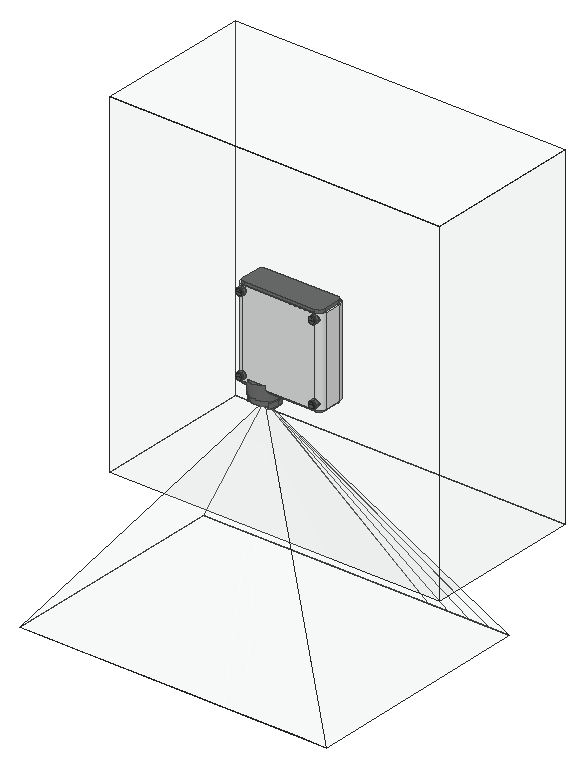
Revit family "Projector-Canon-REALiS_WUX450ST-D-WUX500(ST)-D_Pro_AV", category Communication Devices, host Face, Revit 2015
Parameters (values of type "REALiS WUX500ST Pro AV")
  Width = if(C Lens Shift, 1' 1 67/256", 1' 1 51/256")  # 1' - 1 67/256"
  Weight = 13.88 lbf
  Voltage = 100 V
  Version = "2014 – v1.0a"  # constant formula
  URL = "http://projectors.usa.canon.com/"
  Type Comments = ""
  Tilt Angle = "-"
  Throw Ratio = "0.56:1"
  Standby Power = "1.8 - 0.2W"
  Screen Sizes = "-"  # constant formula
  Scanning Frequency = "H: 15.734kHz - 75.000kHz, V: 24.000Hz - 60.317Hz"
  Projector Throw Distance Extends Visibility [instance] = yes
  Projector Clearance Box Visibility [instance] = yes
  Projection Shift Note [instance] = "Keep within the projection shift extends"  # constant formula
  Projection Distances = "-"  # constant formula
  Projection Desired [instance] = 4' - 0"
  Product data url = "https://bimobject.com/en-us/canon/product/canon-realis-wux500st-pro"
  Operating Temperature = "32°F - 104°F (0°C - 40°C), 20%RH - 85%RH"
  Mounting Option [instance] = if(and(Ceiling Attachment with Extension, Ceiling Attachment), "Multiple Options Selected", if(and(Ceiling Attachment with Extension, Ceiling Extension Desired < 1' 4", or(C Lens = 1, C Lens = 2, C Lens = 5, C Lens = 6)), "RS-CL16 Ceiling Attachment with Ceiling Extension (RS-CL08)", if(and(Ceiling Attachment with Extension, Ceiling Extension Desired < 2' 0", or(C Lens = 1, C Lens = 2, C Lens = 5, C Lens = 6)), "RS-CL16 Ceiling Attachment with Ceiling Extension (RS-CL08)", if(and(Ceiling Attachment with Extension, Ceiling Extension Desired < 1' 4", or(C Lens = 3, C Lens = 4)), "RS-CL14 Ceiling Attachment with Ceiling Extension (RS-CL08)", if(and(Ceiling Attachment with Extension, Ceiling Extension Desired < 2' 0", or(C Lens = 3, C Lens = 4)), "RS-CL14 Ceiling Attachment with Ceiling Extension (RS-CL08)", if(and(Ceiling Attachment with Extension, Ceiling Extension Desired < 3' 3", or(C Lens = 1, C Lens = 2, C Lens = 5, C Lens = 6)), "RS-CL16 Ceiling Attachment with Ceiling Extension (RS-CL09)", if(and(Ceiling Attachment with Extension, Ceiling Extension Desired > 3' 3", or(C Lens = 1, C Lens = 2, C Lens = 5, C Lens = 6)), "RS-CL16 Ceiling Attachment with Ceiling Extension (RS-CL09)", if(and(Ceiling Attachment with Extension, Ceiling Extension Desired < 3' 3", or(C Lens = 3, C Lens = 4)), "RS-CL14 Ceiling Attachment with Ceiling Extension (RS-CL09)", if(and(Ceiling Attachment with Extension, Ceiling Extension Desired > 3' 3", or(C Lens = 3, C Lens = 4)), "RS-CL14 Ceiling Attachment with Ceiling Extension (RS-CL09)", if(and(Ceiling Attachment, or(C Lens = 1, C Lens = 2, C Lens = 5, C Lens = 6)), "RS-CL16 Ceiling Attachment", if(and(Ceiling Attachment, or(C Lens = 3, C Lens = 4)), "RS-CL14 Ceiling Attachment", "Select Ceiling Mount")))))))))))  # "Select Ceiling Mount"
  Mounting = "Upward, Downward, Table, Ceiling"
  Model Disclaimer = "This 3D model is a simulation of a highly customizable piece of Canon equipment. For assistance in selecting the right Canon equipment for your project, please contact Canon U.S.A., Inc."  # constant formula
  Min. Throw Ratio [instance] = if(and(Aspect Ratio 4 x 3, or(C Lens = 1, C Lens = 2, C Lens = 5, C Lens = 6)), 0.675, if(and(Aspect Ratio 16 x 9, or(C Lens = 1, C Lens = 2, C Lens = 5, C Lens = 6)), 0.55833, if(and(Aspect Ratio 16 x 10, or(C Lens = 1, C Lens = 2, C Lens = 5, C Lens = 6)), 0.55833, if(and(Aspect Ratio 4 x 3, or(C Lens = 3, C Lens = 4)), 1.675, if(and(Aspect Ratio 16 x 9, or(C Lens = 3, C Lens = 4)), 1.4, if(and(Aspect Ratio 16 x 10, or(C Lens = 3, C Lens = 4)), 1.4, 1))))))  # 0.675
  Min. Distance from Wall [instance] = Min. Throw Ratio * C Projection Width  # 2' - 8.4"
  Max. Throw Ratio [instance] = if(and(Aspect Ratio 4 x 3, or(C Lens = 1, C Lens = 2, C Lens = 5, C Lens = 6)), 0.675, if(and(Aspect Ratio 16 x 9, or(C Lens = 1, C Lens = 2, C Lens = 5, C Lens = 6)), 0.55833, if(and(Aspect Ratio 16 x 10, or(C Lens = 1, C Lens = 2, C Lens = 5, C Lens = 6)), 0.55833, if(and(Aspect Ratio 4 x 3, or(C Lens = 3, C Lens = 4)), 3.0083, if(and(Aspect Ratio 16 x 9, or(C Lens = 3, C Lens = 4)), 2.5167, if(and(Aspect Ratio 16 x 10, or(C Lens = 3, C Lens = 4)), 2.5167, 1))))))  # 0.675
  Max. Distance from Wall [instance] = Max. Throw Ratio * C Projection Width  # 2' - 8.4"
  Lens Shift (Vertical) = "0% - 75%"
  Lens Shift (Horizontal) = "±10%"
  Lens Shift = "V: 0 - 75%, H: ±10%"
  Height = if(C Lens Shift, 0' 5 45/128", 0' 5 77/256")  # 0' - 5 45/128"
  Focal Length = "8.8mm"
  Fan Noise = "38 / 30 dB"
  F-Number = "F2.7"
  Digital Video Input = "1080p / 1080i / 720p / 576p / 480p"  # constant formula
  Digital PC Input = "WUXGA / UXGA / WSXGA+ / SXGA+ / WXGA+/ FWXGA / WXGA / SXGA / XGA / SVGA / VGA"  # constant formula
  Desired Distance from Wall [instance] = 6' - 0"
  Depth = if(C Lens Shift, 1' 4 21/64", 1' 2 1/2")  # 1' - 4 21/64"
  Component Video Input = "1080p / 1080i / 720p / 576p / 576i / 480p / 480i"  # constant formula
  Ceiling Attachment with Extension [instance] = no
  Ceiling Extension Desired [instance] = 2' - 0"
  Ceiling Extension Actual [instance] = if(and(Ceiling Attachment with Extension, Ceiling Extension Desired < 1' 4"), 1' 4", if(and(Ceiling Attachment with Extension, Ceiling Extension Desired > 3' 3"), 3' 3", if(and(Ceiling Attachment), 0' 3 1/4", if(and(Ceiling Extension Desired < 1' 4"), 1' 4", Ceiling Extension Desired - 0' 1 1/16"))))  # 1' - 10 15/16"
  C Projector W [instance] = 78' - 9 103/128"
  C Projector Shift = if(C Lens Shift, 0' 2 15/32", 0' 0")  # 0' - 2 15/32"
  C Projector Projection W [instance] = 78' - 9 103/128"
  C Projector Projection H [instance] = 73' - 3.27096"
  C Projector H = 73' - 3 69/256"  # constant formula
  C Lens Shift = yes
  C Lens = 5
  C Ceiling Mount Visibility [instance] = if(or(Ceiling Attachment, Ceiling Attachment with Extension), 1 = 1, 1 = 0)  # no
  Aspect Ratio 4 x 3 [instance] = yes
  Aspect Ratio 16 x 9 [instance] = no
  Aspect Ratio 16 x 10 [instance] = no
  Projection Visibility [instance] = yes
  Projection Shift Extends Visibility [instance] = yes
  Power Factor = 1
  Number of Poles = 1
  Keynote = "Division 27"  # constant formula
  C Projector Limit W2 [instance] = C Projection Width * 1.1 - C Projection Width / 2  # 2' - 4.8"
  C Projector Limit W1 [instance] = C Projection Width * 1.1 - C Projection Width / 2  # 2' - 4.8"
  C Projector Limit H2 [instance] = if(and(C Lens Shift, Ceiling Attachment), C Projection Height * 1.75 - C Projection Height / 2, if(and(C Lens Shift, Ceiling Attachment with Extension), C Projection Height * 1.75 - C Projection Height / 2, if(and(Ceiling Attachment), C Projection Height * 1.6 - C Projection Height / 2, if(and(Ceiling Attachment with Extension), C Projection Height * 1.6 - C Projection Height / 2, if(C Lens Shift, C Projection Height / 2, C Projection Height / 2)))))  # 1' - 6"
  C Projector Limit H1 [instance] = if(and(C Lens Shift, Ceiling Attachment), C Projection Height / 2, if(and(C Lens Shift, Ceiling Attachment with Extension), C Projection Height / 2, if(and(Ceiling Attachment), C Projection Height / 2, if(and(Ceiling Attachment with Extension), C Projection Height / 2, if(C Lens Shift, C Projection Height * 1.75 - C Projection Height / 2, C Projection Height * 1.6 - C Projection Height / 2)))))  # 3' - 9"
  Projection Actual [instance] = if(and(C Lens Shift, Image Size is Defined By Width, Aspect Ratio 4 x 3, Projection Desired < 2' 0"), 2' 0", if(and(C Lens Shift, Image Size is Defined By Height, Aspect Ratio 4 x 3, Projection Desired < 1' 6"), 1' 6", if(and(C Lens Shift, Image Size is Defined By Diagonal, Aspect Ratio 4 x 3, Projection Desired < 2' 6"), 2' 6", if(and(C Lens Shift, Image Size is Defined By Width, Aspect Ratio 16 x 9, Projection Desired < 2' 2"), 2' 2", if(and(C Lens Shift, Image Size is Defined By Height, Aspect Ratio 16 x 9, Projection Desired < 1' 3"), 1' 3", if(and(C Lens Shift, Image Size is Defined By Diagonal, Aspect Ratio 16 x 9, Projection Desired < 2' 6"), 2' 6", if(and(C Lens Shift, Image Size is Defined By Width, Aspect Ratio 16 x 10, Projection Desired < 2' 2"), 2' 2", if(and(C Lens Shift, Image Size is Defined By Height, Aspect Ratio 16 x 10, Projection Desired < 1' 4"), 1' 4", if(and(C Lens Shift, Image Size is Defined By Diagonal, Aspect Ratio 16 x 10, Projection Desired < 2' 6"), 2' 6", if(and(C Lens Shift, Image Size is Defined By Width, Aspect Ratio 4 x 3, Projection Desired > 17' 8"), 17' 8", if(and(C Lens Shift, Image Size is Defined By Height, Aspect Ratio 4 x 3, Projection Desired > 13' 3"), 13' 3", if(and(C Lens Shift, Image Size is Defined By Diagonal, Aspect Ratio 4 x 3, Projection Desired > 22' 1"), 22' 1", if(and(C Lens Shift, Image Size is Defined By Width, Aspect Ratio 16 x 9, Projection Desired > 21' 2"), 21' 2", if(and(C Lens Shift, Image Size is Defined By Height, Aspect Ratio 16 x 9, Projection Desired > 11' 11"), 11' 11", if(and(C Lens Shift, Image Size is Defined By Diagonal, Aspect Ratio 16 x 9, Projection Desired > 24' 4"), 24' 4", if(and(C Lens Shift, Image Size is Defined By Width, Aspect Ratio 16 x 10, Projection Desired > 21' 2"), 21' 2", if(and(C Lens Shift, Image Size is Defined By Height, Aspect Ratio 16 x 10, Projection Desired > 13' 3"), 13' 3", if(and(C Lens Shift, Image Size is Defined By Diagonal, Aspect Ratio 16 x 10, Projection Desired > 25' 0"), 25' 0", if(and(Image Size is Defined By Width, Aspect Ratio 4 x 3, Projection Desired < 2' 8"), 2' 8", if(and(Image Size is Defined By Height, Aspect Ratio 4 x 3, Projection Desired < 2' 0"), 2' 0", if(and(Image Size is Defined By Diagonal, Aspect Ratio 4 x 3, Projection Desired < 3' 4"), 3' 4", if(and(Image Size is Defined By Width, Aspect Ratio 16 x 9, Projection Desired < 2' 11"), 2' 11", if(and(Image Size is Defined By Height, Aspect Ratio 16 x 9, Projection Desired < 1' 8"), 1' 8", if(and(Image Size is Defined By Diagonal, Aspect Ratio 16 x 9, Projection Desired < 3' 4"), 3' 4", if(and(Image Size is Defined By Width, Aspect Ratio 16 x 10, Projection Desired < 2' 10"), 2' 10", if(and(Image Size is Defined By Height, Aspect Ratio 16 x 10, Projection Desired < 1' 9"), 1' 9", if(and(Image Size is Defined By Diagonal, Aspect Ratio 16 x 10, Projection Desired < 3' 4"), 3' 4", if(and(Image Size is Defined By Width, Aspect Ratio 4 x 3, Projection Desired > 17' 8"), 17' 8", if(and(Image Size is Defined By Height, Aspect Ratio 4 x 3, Projection Desired > 13' 3"), 13' 3", if(and(Image Size is Defined By Diagonal, Aspect Ratio 4 x 3, Projection Desired > 22' 1"), 22' 1", if(and(Image Size is Defined By Width, Aspect Ratio 16 x 9, Projection Desired > 21' 2"), 21' 2", if(and(Image Size is Defined By Height, Aspect Ratio 16 x 9, Projection Desired > 11' 11"), 11' 11", if(and(Image Size is Defined By Diagonal, Aspect Ratio 16 x 9, Projection Desired > 24' 4"), 24' 4", if(and(Image Size is Defined By Width, Aspect Ratio 16 x 10, Projection Desired > 21' 2"), 21' 2", if(and(Image Size is Defined By Height, Aspect Ratio 16 x 10, Projection Desired > 13' 3"), 13' 3", if(and(Image Size is Defined By Diagonal, Aspect Ratio 16 x 10, Projection Desired > 25' 0"), 25' 0", Projection Desired))))))))))))))))))))))))))))))))))))  # 4' - 0"
  Product Page URL = "http://www.projectors.usa.canon.com/products/projector_wux500st.php"
  Product Name = "REALiS WUX500ST Pro AV"
  Product Documentation Link = "https://downloads.canon.com/nw/brochures/pdf/projector/canon_realis_wux500st_projector_datasheet.pdf"
  Power Voltage = "AC100 - 240V : 50/60Hz"  # constant formula
  Power Consumption = "395 / 295W"
  Optional Lenses [instance] = if(or(C Lens = 5, C Lens = 6), "Short Fixed Lens WUX500ST", if(or(C Lens = 1, C Lens = 2), "Short Fixed Lens WUX450ST", if(or(C Lens = 3, C Lens = 4), "Standard Zoom Lens WUX500", "NO CODE")))  # "Short Fixed Lens WUX500ST"
  Native Resolution = "1920 x 1200 (WUXGA)"  # constant formula
  Model = "WUX500ST"
  Manufacturer Phone Number = "800-652-2666"  # constant formula
  Manufacturer = "Canon USA Inc."  # constant formula
  Image Size is Defined By Width [instance] = yes
  Image Size is Defined By Height [instance] = no
  Image Size is Defined By Diagonal [instance] = no
  Analog PC Input = "WUXGA / UXGA / WSXGA+ / SXGA+ / WXGA+/ FWXGA / WXGA / SXGA / XGA / SVGA / VGA"  # constant formula
  Actual Distance from Wall [instance] = if(and(Desired Distance from Wall < Min. Distance from Wall), Min. Distance from Wall, if(and(Desired Distance from Wall > Max. Distance from Wall), Max. Distance from Wall, if(and(C Lens Shift), Min. Distance from Wall, Desired Distance from Wall)))  # 2' - 8.4"
  Description = "The REALiS WUX500ST Pro AV Short Throw LCOS Projector combines native WUXGA resolution (1920 x 1200), 4500 lumens of brightness, and Canon's LCOS technology with AISYS-enhancement to project bright, highly-detailed/contrasted and color accurate images - all in a compact size (only 13.9 lbs.). The REALiS WUX500ST's 1.35x optical zoom, short throw ratio of 0.56:1 and 0-75% vertical lens shift help provide exceptional installation flexibility, as does the models HDBaseT™ receiver which allows uncompressed HD video, audio and control signals to be transmitted over one single LAN cable up to a maximum distance of 328ft (100m)."
  Copyright = "© 2016 Canon U.S.A., Inc. All Rights Reserved."  # constant formula
  Contrast = "2000:1"  # constant formula
  C Default Mount [instance] = not(or(Ceiling Attachment, Ceiling Attachment with Extension))  # yes
  Default Elevation = 4' - 0"
  Ceiling Attachment [instance] = no
  C Projection Width [instance] = if(and(Aspect Ratio 4 x 3, Image Size is Defined By Width), Projection Actual, if(and(Aspect Ratio 4 x 3, Image Size is Defined By Height), Projection Actual * 4 / 3, if(and(Aspect Ratio 4 x 3, Image Size is Defined By Diagonal), Projection Actual * sin(53.13°), if(and(Aspect Ratio 16 x 9, Image Size is Defined By Width), Projection Actual, if(and(Aspect Ratio 16 x 9, Image Size is Defined By Height), Projection Actual * 16 / 9, if(and(Aspect Ratio 16 x 9, Image Size is Defined By Diagonal), Projection Actual * sin(60.64°), if(and(Aspect Ratio 16 x 10, Image Size is Defined By Width), Projection Actual, if(and(Aspect Ratio 16 x 10, Image Size is Defined By Height), Projection Actual * 16 / 10, if(and(Aspect Ratio 16 x 10, Image Size is Defined By Diagonal), Projection Actual * sin(57.99°), Projection Actual)))))))))  # 4' - 0"
  C Projection Height [instance] = if(and(Aspect Ratio 4 x 3, Image Size is Defined By Height), Projection Actual, if(and(Aspect Ratio 4 x 3, Image Size is Defined By Width), Projection Actual * 3 / 4, if(and(Aspect Ratio 4 x 3, Image Size is Defined By Diagonal), Projection Actual * cos(53.13°), if(and(Aspect Ratio 16 x 9, Image Size is Defined By Height), Projection Actual, if(and(Aspect Ratio 16 x 9, Image Size is Defined By Width), Projection Actual * 9 / 16, if(and(Aspect Ratio 16 x 9, Image Size is Defined By Diagonal), Projection Actual * cos(60.64°), if(and(Aspect Ratio 16 x 10, Image Size is Defined By Height), Projection Actual, if(and(Aspect Ratio 16 x 10, Image Size is Defined By Width), Projection Actual * 10 / 16, if(and(Aspect Ratio 16 x 10, Image Size is Defined By Diagonal), Projection Actual * cos(57.99°), Projection Actual)))))))))  # 3' - 0"
  Brightness = "5000lm / 3460lm"
  Assembly Code = "D5030900"
  Aspect Ratio [instance] = if(and(Aspect Ratio 16 x 10, or(Aspect Ratio 16 x 9, Aspect Ratio 4 x 3)), "Multiple Options Selected", if(and(Aspect Ratio 4 x 3, or(Aspect Ratio 16 x 10, Aspect Ratio 16 x 9)), "Multiple Options Selected", if(and(Aspect Ratio 16 x 9, or(Aspect Ratio 4 x 3, Aspect Ratio 16 x 10)), "Multiple Options Selected", if(and(Aspect Ratio 16 x 10), "16:10", if(and(Aspect Ratio 16 x 9), "16:9", if(and(Aspect Ratio 4 x 3), "4:3", "Select Aspect Ratio"))))))  # "4:3"
  Apparent Load = 0 VA
Reference planes (in)
  plane 1 "Center (Front/Back)": y = 0
  plane 2: z = 0
  plane 3 "Center (Left/Right)": x = 0
  plane 4: y = -879.27096
  plane 5: x = -945.80526
  plane 6: y = -0.00143
  plane 7: x = -0.00057
  plane 8: y = 18
  plane 9: y = -18
  plane 10: x = -24.00057
  plane 11: x = 23.99943
  plane 12: x = -0.00057
  plane 13: y = 0
  plane 14: y = 45
  plane 15: y = -18
  plane 16: x = -28.8
  plane 17: x = 28.8
  plane 18: z = 32.4
  plane 19: y = 5.42842
  plane 20: y = 29.42842
  plane 21: z = 0
  plane 22: z = 32.4
  plane 23: z = 32.4
  plane 24: z = 72
Forms (in)
  Blend 1, solid, material "Clearance Areas", visible <- "Projection Visibility"
    base sketch origin (0.13386, -43.30315, 0) x (1, 0, 0) y (0, 1, 0)
      loop
        line (-24.13443, 61.30315) -> (-24.13443, 25.30315) -> (23.86557, 25.30315) -> (23.86557, 61.30315) -> (-24.13443, 61.30315)
    top sketch origin (0.13386, -43.30315, 0) x (1, 0, 0) y (0, 1, 0)
      loop
        circle (-0.13443, 43.30172) r 0.03083
    from 0 to 32.4
Lines and regions (in)
  model lines, style "Clearance Areas", visible <- "Projection Shift Extends Visibility"
    curve 1: line (-28.8, -18, 0) -> (28.8, -18, 0)
    curve 2: line (-28.8, 45, 0) -> (-28.8, -18, 0)
    curve 3: line (28.8, 45, 0) -> (-28.8, 45, 0)
    curve 4: line (28.8, -18, 0) -> (28.8, 45, 0)
  reference lines
    curve 5: line (0, -2.51272, 59.9) -> (0, -2.51272, 34.65)
    curve 9: line (0, 2.51312, 59.9) -> (0, 2.51312, 32.4)
    curve 12: line (-6.99903, 0, 72) -> (6.99903, 0, 72)
    curve 13: line (-36, 0, 0) -> (36, 0, 0)
    curve 14: line (-0.00057, 22.5, 0) -> (-0.00057, -22.5, 0)
  symbolic lines, style "Clearance Areas", visible <- "Projection Visibility"
    curve 6: line (-24.00057, 0, 0) -> (23.99943, 0, 0)
  symbolic lines, style "Clearance Areas"
    curve 7: line (23.99943, 0, 0) -> (-0.00057, 0, 32.44167)
    curve 8: line (-0.00057, 0, 32.44167) -> (-24.00057, 0, 0)
  model lines, style "Clearance Areas", visible <- "Projector Throw Distance Extends Visibility"
    curve 10: line (0, -25.1534, 32.4) -> (0, 29.6534, 32.4)
    curve 11: line (0, -25.1543, 32.4) -> (0, 25.1543, 32.4)
Dimensions and locks (in)
  "C Projector H": plane 6 to plane 4
  "C Projector Projection W": plane 5 to plane 7
  equal spacing: plane 10, plane 12, plane 11
  "C Projection Width": plane 10 to plane 11
  equal spacing: plane 8, plane 13, plane 9
  "C Projection Height": plane 9 to plane 8
  "C Projector Projection H": plane 4 to plane 13
  "C Projector W": plane 5 to plane 12
  "Actual Distance from Wall": plane 18 to plane 2
  curve 5 to plane 6 to curve 9 = 0' - 2.51129" locked, 0' - 2.51455" locked
  "C Projector Limit H1": plane 14 to plane 1 "Center (Front/Back)"
  "C Projector Limit H2": plane 15 to plane 1 "Center (Front/Back)"
  "C Projector Limit W2": plane 3 "Center (Left/Right)" to plane 17
  "C Projector Limit W1": plane 16 to plane 3 "Center (Left/Right)"
  locked: plane 7 to Blend 1 sketch curve at 0
  locked: plane 6 to Blend 1 sketch curve at 0
  locked: plane 6 to plane 19 at 5.42985
  "Ceiling Extension Desired": plane 19 to plane 20
  "Desired Distance from Wall": plane 24 to plane 21
  "Max. Distance from Wall": plane 22 to level
  "Min. Distance from Wall": plane 23 to level
  "C Projector Shift": nested 2 to plane 18
  "C Projector Shift": nested 1 to plane 18
  "Desired Distance from Wall": curve 12 to plane 21
  equal spacing: curve 12, plane 3 "Center (Left/Right)", curve 12, locked at 6.99903 each
  "C Projector Projection H": plane 4 to curve 13
  curve 13 to plane 3 "Center (Left/Right)" to curve 13 = 3' - 0" locked, 3' - 0" locked
  curve 14 to plane 1 "Center (Front/Back)" to curve 14 = 1' - 10 1/2" locked, 1' - 10 1/2" locked
  "C Projector W": plane 5 to curve 14
  aligned and locked: plane 2 to host face
  aligned and locked: level to host face
  aligned and locked: plane 18 to Blend 1
  aligned and locked: plane 14 to curve 3
  aligned and locked: curve 2 to plane 16
  aligned and locked: plane 17 to curve 4
  aligned and locked: curve 1 to plane 15
  aligned and locked: curve 6 to Blend 1
  aligned and locked: curve 7 to Blend 1
  aligned and locked: curve 8 to Blend 1
  aligned and locked: plane 21 to level
  aligned and locked: curve 10 to plane 22
  aligned and locked: curve 11 to plane 23
  aligned and locked: Blend 1 to level
Automatic sketch dimensions
  host sketch curve to host sketch curve = 8' - 0"  (x2)
  Blend 1 sketch curve to plane 9 = 0' - 0"
  Blend 1 sketch curve to plane 10 = 0' - 0"
  Blend 1 sketch curve to plane 11 = 0' - 0"
  plane 8 to Blend 1 sketch curve = 0' - 0"
  level to curve 8 = 0' - 0"
  curve 9 to plane 18 = 0' - 0"
  plane 18 to curve 5 = 0' - 2 1/4"
  curve 5 to curve 9 = 2' - 1 1/4"
  curve 5 to curve 9 = 0' - 0"
  curve 10 to plane 9 = 0' - 7.1534"
  plane 20 to curve 10 = 0' - 0.22499"
  curve 11 to plane 9 = 0' - 7.1543"
  curve 11 to plane 14 = 1' - 7.8457"
  plane 7 to curve 12 = 0' - 6.99846"
  radius of Blend 1 sketch curve = 0' - 0.03083"
Nested families (in)
  nested 1: "Canon Projector" at (3.60621, -2.51272, 41.99375) x (-1, 0, 0) z (0, 1, 0), visible <- "C Default Mount", type "Standard"
    with Width 1' - 1 67/256", Depth 1' - 4 21/64"
  nested 2: "Canon Projector" at (3.60621, 2.51312, 41.99375) x (-1, 0, 0) z (0, -1, 0), visible <- "C Ceiling Mount Visibility", type "Ceiling Mount"
    with Width 1' - 1 67/256", Extended Ceiling Mount 2' - 0", Depth 1' - 4 21/64", C Extended Ceiling Mount 1' - 10 15/16"
Connectors (in)
  electrical at (3.61655, 0.52249, 49.126), driven by "Power Factor", driven by "Apparent Load", driven by "Voltage", driven by "Number of Poles"
    settings: on nested 1, index 1, voltage 100 V, apparent load 0 VA, apparent load phase1 0 VA, apparent load phase2 0 VA, apparent load phase3 0 VA, power factor 1, load classification "Other", number of poles 1, system type 31, power factor state 1, is connector primary yes, connector utility no, sub classification motor no, connector description "Electrical Connector"
  electrical at (3.61655, 0.52249, 49.126)
    settings: on nested 1, index 2, voltage 0 V, apparent load 0 VA, apparent load phase1 0 VA, apparent load phase2 0 VA, apparent load phase3 0 VA, power factor 1, load classification "Other", number of poles 1, system type 5, power factor state 1, is connector primary no, connector utility no, sub classification motor no, connector description "Connector"
Definition of nested family "Canon Projector"
  Parameters
    Width = 1' - 1.48603"
    WUX500 = not(WUX450)  # no
    WUX450 = yes
    Projector Clearance Box Visibility = yes
    Length = 1' - 4 87/256"
    Extended Ceiling Mount = 3' - 6"
    Depth = 1' - 4.33"
    Default Elevation = 4' - 0"
    Ceiling Mount Extension = no
    Ceiling Mount = no
    C Standard #2 = if(C Standard, 0' 0", 1' 7 51/256")  # 0' - 0"
    C Standard = yes
    C Legs = if(or(Ceiling Mount Extension, Ceiling Mount), 1 = 0, 1 = 1)  # yes
    C Extended Ceiling Mount = 3' - 6"
    C Clearance = if(C Standard, 1' 7 51/256", 0' 0")  # 1' - 7 51/256"
    C Ceiling Mount Visibility = if(or(Ceiling Mount Extension, Ceiling Mount), 1 = 1, 1 = 0)  # no
    C Ceiling Mount = not(C Standard)  # no
  Reference planes (in)
    plane 1 "Center (Front/Back)": y = 0
    plane 2: z = 0
    plane 3 "Projector Center": x = 0
    plane 4: y = 7.125
    plane 5: x = 6.64063
    plane 6: z = -3.97149
    plane 7: z = -45.97149
    plane 8: x = 25.84063
    plane 9: x = -25.84062
    plane 10: y = 26.325
    plane 11: y = -26.325
    plane 12: z = 5.3609
    plane 13: z = 24.56012
    plane 14: z = 0
    plane 15: x = -6.74301
    plane 16: x = 6.74301
    plane 17: y = 8.165
    plane 18: y = -8.165
    plane 19: x = 3.60678
    plane 20: z = 2.51292
  Forms (in)
    Extrusion 1, solid
      sketch origin (0, 0, 0) x (1, 0, 0) y (0, 1, 0)
        loop
          line (-48, 48) -> (-48, -48) -> (48, -48) -> (48, 48) -> (-48, 48)
      from 0 to -12
    Extrusion 2, solid, visible <- "C Ceiling Mount Visibility"
      sketch origin (0, 0, 0) x (1, 0, 0) y (0, 0, 1)
        loop
          arc (-1.85128, -46.32599) -> (-1.72594, -46.27407) -> (-1.67403, -46.14874) r 0.17725
          line (-1.67403, -46.14874) -> (1.67403, -46.14874)
          arc (1.67403, -46.14874) -> (1.72594, -46.27407) -> (1.85128, -46.32599) r 0.17725
          line (1.85128, -46.32599) -> (3.93889, -46.32599) -> (3.93889, -46.14874) -> (1.85128, -46.14874)
          arc (1.85128, -46.14874) -> (1.79936, -46.0234) -> (1.67403, -45.97149) r 0.17725
          line (1.67403, -45.97149) -> (-1.67403, -45.97149)
          arc (-1.67403, -45.97149) -> (-1.79936, -46.0234) -> (-1.85128, -46.14874) r 0.17725
          line (-1.85128, -46.14874) -> (-3.93889, -46.14874) -> (-3.93889, -46.32599) -> (-1.85128, -46.32599)
      from -3.67673 to 4.26809
    Extrusion 3, solid, visible <- "C Ceiling Mount Visibility"
      sketch origin (0, 0, 0) x (1, 0, 0) y (0, 1, 0)
        loop
          line (0.93673, 0.87618) -> (-0.91696, 0.87618)
          arc (-0.91696, 0.87618) -> (-1.02058, 0.83326) -> (-1.0635, 0.72964) r 0.14654
          line (-1.0635, 0.72964) -> (-1.0635, -1.32133)
          arc (-1.0635, -1.32133) -> (-1.02398, -1.42144) -> (-0.92672, -1.46754) r 0.14654
          line (-0.92672, -1.46754) -> (0.94649, -1.46754)
          arc (0.94649, -1.46754) -> (1.04374, -1.42144) -> (1.08326, -1.32133) r 0.14654
          line (1.08326, -1.32133) -> (1.08326, 0.72964)
          arc (1.08326, 0.72964) -> (1.04034, 0.83326) -> (0.93673, 0.87618) r 0.14654
      from -45.97149 to -3.97149
    Extrusion 4, solid, visible <- "C Ceiling Mount Visibility"
      sketch origin (0, 0, 0) x (1, 0, 0) y (0, 0, 1)
        loop
          line (-1.57556, -1.10089) -> (-1.57556, -3.89271)
          arc (-1.57556, -3.89271) -> (-1.55248, -3.94842) -> (-1.49678, -3.97149) r 0.07878
          line (-1.49678, -3.97149) -> (1.49678, -3.97149)
          arc (1.49678, -3.97149) -> (1.55248, -3.94842) -> (1.57556, -3.89271) r 0.07878
          line (1.57556, -3.89271) -> (1.57556, -1.10089) -> (-1.57556, -1.10089)
      from -2.28125 to 2.75
    Extrusion 5, solid, visible <- "Projector Clearance Box Visibility"
      sketch origin (0, 0, 0) x (1, 0, 0) y (0, 1, 0)
        loop
          line (-25.84062, 26.325) -> (-25.84062, -26.325) -> (25.84063, -26.325) -> (25.84063, 26.325) -> (-25.84062, 26.325)
      from 0 to 24.56012
    Extrusion 6, solid
      sketch origin (0, 0, 0) x (1, 0, 0) y (0, 0, 1)
        loop
          line (5.65654, 5.3609) -> (-5.65654, 5.3609)
          arc (-5.65654, 5.3609) -> (-6.35336, 5.07226) -> (-6.642, 4.37544) r 0.98546
          line (-6.642, 4.37544) -> (-6.642, 1.69499)
          arc (-6.642, 1.69499) -> (-6.35336, 0.99816) -> (-5.65654, 0.70953) r 0.98546
          line (-5.65654, 0.70953) -> (5.65654, 0.70953)
          arc (5.65654, 0.70953) -> (6.35336, 0.99816) -> (6.642, 1.69499) r 0.98546
          line (6.642, 1.69499) -> (6.642, 4.37544)
          arc (6.642, 4.37544) -> (6.35336, 5.07226) -> (5.65654, 5.3609) r 0.98546
      from -6.74301 to 6.73807
    Revolve 7, solid, visible <- "WUX450"
      sketch origin (4.90629, -180, 2.51292) x (0, -1, 0) y (1, 0, 0)
        loop
          line (-171.49885, 0.89272) -> (-173.78657, 1.01262) -> (-173.78657, -1.29951) -> (-170.55057, -1.29951)
          arc (-170.55057, -1.29951) -> (-170.59289, -0.79464) -> (-170.71864, -0.30385) r 3.03329
          line (-170.71864, -0.30385) -> (-170.71864, 0.57966) -> (-171.85471, 0.57966) -> (-171.85471, 0.76236) -> (-170.42452, 0.68654)
          arc (-170.42452, 0.68654) -> (-170.40758, 0.69278) -> (-170.40045, 0.70937) r 0.02286
          line (-170.40045, 0.70937) -> (-170.40045, 0.76576)
          arc (-170.40045, 0.76576) -> (-170.40911, 0.78746) -> (-170.43033, 0.79725) r 0.03153
          line (-170.43033, 0.79725) -> (-171.30466, 0.8436) -> (-171.49885, 0.89272)
        axis (-173.78657, -1.29951) -> (-170.40045, -1.29951)
      angle from 0 to 360
    Extrusion 8, solid
      sketch origin (0, 0, 0) x (1, 0, 0) y (0, 0, 1)
        loop
          arc (-5.48681, 5.16416) -> (-6.12469, 4.89994) -> (-6.38891, 4.26206) r 0.9021
          line (-6.38891, 4.26206) -> (-6.38891, 1.80836)
          arc (-6.38891, 1.80836) -> (-6.12469, 1.17049) -> (-5.48681, 0.90627) r 0.9021
          line (-5.48681, 0.90627) -> (5.46613, 0.90627)
          arc (5.46613, 0.90627) -> (6.10401, 1.17049) -> (6.36823, 1.80836) r 0.9021
          line (6.36823, 1.80836) -> (6.36823, 4.26206)
          arc (6.36823, 4.26206) -> (6.10401, 4.89994) -> (5.46613, 5.16416) r 0.9021
          line (5.46613, 5.16416) -> (-5.48681, 5.16416)
      from 6.73807 to 7.13225
    Extrusion 9, solid
      sketch origin (0, 0, 0) x (1, 0, 0) y (0, 0, -1)
        loop
          line (-5.48681, -5.16416) -> (5.46613, -5.16416)
          arc (5.46613, -5.16416) -> (6.10401, -4.89994) -> (6.36823, -4.26206) r 0.9021
          line (6.36823, -4.26206) -> (6.36823, -1.80836)
          arc (6.36823, -1.80836) -> (6.10401, -1.17049) -> (5.46613, -0.90627) r 0.9021
          line (5.46613, -0.90627) -> (-5.48681, -0.90627)
          arc (-5.48681, -0.90627) -> (-6.12469, -1.17049) -> (-6.38891, -1.80836) r 0.9021
          line (-6.38891, -1.80836) -> (-6.38891, -4.26206)
          arc (-6.38891, -4.26206) -> (-6.12469, -4.89994) -> (-5.48681, -5.16416) r 0.9021
      from 6.74301 to 7.13225
    Extrusion 10, void
      sketch origin (0, 0, 0) x (1, 0, 0) y (0, 0, 1)
        loop
          line (5.08918, 3.7568) -> (5.6835, 4.25549) -> (5.6835, 5.90771) -> (3.60678, 5.90771) -> (1.53007, 5.90771) -> (1.53007, 4.25549) -> (2.12438, 3.7568)
          arc (2.12438, 3.7568) -> (3.60678, 4.44805) -> (5.08918, 3.7568) r 1.93513
        loop
          arc (5.08918, 1.26904) -> (3.60678, 0.57779) -> (2.12438, 1.26904) r 1.93513
          line (2.12438, 1.26904) -> (1.53007, 0.77035) -> (1.53007, -0.88187) -> (3.60678, -0.88187) -> (5.6835, -0.88187) -> (5.6835, 0.77035) -> (5.08918, 1.26904)
      from 8.31336 to 9.61387
    Revolve 11, solid, visible <- "C Legs"
      sketch origin (-5.74512, -5.83145, 48) x (-1, 0, 0) y (0, 0, 1)
        loop
          line (-11.44107, -48) -> (-11.44107, -46.88065) -> (-11.96951, -46.88065) -> (-11.92991, -47.33333)
          arc (-11.92991, -47.33333) -> (-11.91849, -47.35752) -> (-11.89448, -47.36931) r 0.04049
          line (-11.89448, -47.36931) -> (-11.96299, -47.36931)
          arc (-11.96299, -47.36931) -> (-12.00947, -47.39421) -> (-12.02627, -47.44419) r 0.07156
          line (-12.02627, -47.44419) -> (-12.00399, -47.8634)
          arc (-12.00399, -47.8634) -> (-11.97557, -47.92131) -> (-11.91409, -47.94087) r 0.0822
          line (-11.91409, -47.94087) -> (-11.91409, -48) -> (-11.44107, -48)
        axis (-11.44107, -46.88065) -> (-11.44107, -48)
      angle from 0 to 360
    Revolve 12, solid, visible <- "C Legs"
      sketch origin (-5.74512, -5.83145, 48) x (-1, 0, 0) y (0, 0, 1)
        loop
          line (-0.04916, -48) -> (0.42386, -48) -> (0.42386, -47.94087)
          arc (0.42386, -47.94087) -> (0.48533, -47.92131) -> (0.51376, -47.8634) r 0.0822
          line (0.51376, -47.8634) -> (0.53603, -47.44419)
          arc (0.53603, -47.44419) -> (0.51924, -47.39421) -> (0.47276, -47.36931) r 0.07156
          line (0.47276, -47.36931) -> (0.40424, -47.36931)
          arc (0.40424, -47.36931) -> (0.42826, -47.35752) -> (0.43968, -47.33333) r 0.04049
          line (0.43968, -47.33333) -> (0.47928, -46.88065) -> (-0.04916, -46.88065) -> (-0.04916, -48)
        axis (-0.04916, -46.88065) -> (-0.04916, -48)
      angle from 0 to 360
    Revolve 13, solid, visible <- "C Legs"
      sketch origin (-5.74512, 6.03348, 48) x (-1, 0, 0) y (0, 0, -1)
        loop
          line (-11.44107, 48) -> (-11.91409, 48) -> (-11.91409, 47.94087)
          arc (-11.91409, 47.94087) -> (-11.97557, 47.92131) -> (-12.00399, 47.8634) r 0.0822
          line (-12.00399, 47.8634) -> (-12.02627, 47.44419)
          arc (-12.02627, 47.44419) -> (-12.00947, 47.39421) -> (-11.96299, 47.36931) r 0.07156
          line (-11.96299, 47.36931) -> (-11.89448, 47.36931)
          arc (-11.89448, 47.36931) -> (-11.91849, 47.35752) -> (-11.92991, 47.33333) r 0.04049
          line (-11.92991, 47.33333) -> (-11.96951, 46.88065) -> (-11.44107, 46.88065) -> (-11.44107, 48)
        axis (-11.44107, 46.88065) -> (-11.44107, 48)
      angle from 0 to 360
    Revolve 14, solid, visible <- "C Legs"
      sketch origin (-5.74512, 6.03348, 48) x (-1, 0, 0) y (0, 0, -1)
        loop
          line (-0.04916, 48) -> (-0.04916, 46.88065) -> (0.47928, 46.88065) -> (0.43968, 47.33333)
          arc (0.43968, 47.33333) -> (0.42826, 47.35752) -> (0.40424, 47.36931) r 0.04049
          line (0.40424, 47.36931) -> (0.47276, 47.36931)
          arc (0.47276, 47.36931) -> (0.51924, 47.39421) -> (0.53603, 47.44419) r 0.07156
          line (0.53603, 47.44419) -> (0.51376, 47.8634)
          arc (0.51376, 47.8634) -> (0.48533, 47.92131) -> (0.42386, 47.94087) r 0.0822
          line (0.42386, 47.94087) -> (0.42386, 48) -> (-0.04916, 48)
        axis (-0.04916, 46.88065) -> (-0.04916, 48)
      angle from 0 to 360
    Extrusion 15, solid, visible <- "C Ceiling Mount Visibility"
      sketch origin (0, 0, 0) x (1, 0, 0) y (0, 0, 1)
        loop
          line (6.51167, 0.10405) -> (-6.51167, 0.10405)
          arc (-6.51167, 0.10405) -> (-6.58499, 0.07368) -> (-6.61536, 0.00036) r 0.10369
          line (-6.61536, 0.00036) -> (-6.61536, -0.22278) -> (-5.31592, -0.22278)
          arc (-5.31592, -0.22278) -> (-5.29565, -0.28352) -> (-5.23709, -0.30941) r 0.07918
          line (-5.23709, -0.30941) -> (-2.6965, -0.30941) -> (-2.6965, -0.99647)
          arc (-2.6965, -0.99647) -> (-2.66591, -1.07031) -> (-2.59207, -1.10089) r 0.10443
          line (-2.59207, -1.10089) -> (1.57556, -1.10089) -> (2.59207, -1.10089)
          arc (2.59207, -1.10089) -> (2.66591, -1.07031) -> (2.69649, -0.99647) r 0.10443
          line (2.69649, -0.99647) -> (2.69649, -0.30941) -> (5.23708, -0.30941)
          arc (5.23708, -0.30941) -> (5.29565, -0.28352) -> (5.31592, -0.22278) r 0.07918
          line (5.31592, -0.22278) -> (6.61536, -0.22278) -> (6.61536, 0.00036)
          arc (6.61536, 0.00036) -> (6.58499, 0.07368) -> (6.51167, 0.10405) r 0.10369
      from -6.62006 to 6.78393
    Revolve 16, solid, visible <- "C Ceiling Mount Visibility"
      sketch origin (0, -5.83145, 0.63069) x (0, 0, 1) y (1, 0, 0)
        loop
          line (0.48866, -5.69595) -> (-0.52667, -5.69595) -> (-0.52667, -6.03579)
          arc (-0.52667, -6.03579) -> (-0.51261, -6.06972) -> (-0.47869, -6.08377) r 0.04798
          line (-0.47869, -6.08377) -> (-0.04798, -6.08377)
          arc (-0.04798, -6.08377) -> (-0.01405, -6.06972) -> (0, -6.03579) r 0.04798
          line (0, -6.03579) -> (0, -6.14936)
          arc (0, -6.14936) -> (0.01179, -6.17337) -> (0.03598, -6.18479) r 0.04049
          line (0.03598, -6.18479) -> (0.48866, -6.2244) -> (0.48866, -5.69595)
        axis (0.48866, -5.69595) -> (-0.52667, -5.69595)
      angle from 0 to 360
    Revolve 17, solid, visible <- "C Ceiling Mount Visibility"
      sketch origin (0, 6.03348, 0.63069) x (0, 0, 1) y (1, 0, 0)
        loop
          line (0.48866, -5.69595) -> (-0.52667, -5.69595) -> (-0.52667, -6.03579)
          arc (-0.52667, -6.03579) -> (-0.51261, -6.06972) -> (-0.47869, -6.08377) r 0.04798
          line (-0.47869, -6.08377) -> (-0.04798, -6.08377)
          arc (-0.04798, -6.08377) -> (-0.01405, -6.06972) -> (0, -6.03579) r 0.04798
          line (0, -6.03579) -> (0, -6.14936)
          arc (0, -6.14936) -> (0.01179, -6.17337) -> (0.03598, -6.18479) r 0.04049
          line (0.03598, -6.18479) -> (0.48866, -6.2244) -> (0.48866, -5.69595)
        axis (0.48866, -5.69595) -> (-0.52667, -5.69595)
      angle from 0 to 360
    Revolve 18, solid, visible <- "C Ceiling Mount Visibility"
      sketch origin (0, -5.83145, 0.63069) x (0, 0, 1) y (1, 0, 0)
        loop
          line (0.48866, 5.69595) -> (0.48866, 6.2244) -> (0.03598, 6.18479)
          arc (0.03598, 6.18479) -> (0.01179, 6.17337) -> (0, 6.14936) r 0.04049
          line (0, 6.14936) -> (0, 6.03579)
          arc (0, 6.03579) -> (-0.01405, 6.06972) -> (-0.04798, 6.08377) r 0.04798
          line (-0.04798, 6.08377) -> (-0.47869, 6.08377)
          arc (-0.47869, 6.08377) -> (-0.51261, 6.06972) -> (-0.52667, 6.03579) r 0.04798
          line (-0.52667, 6.03579) -> (-0.52667, 5.69595) -> (0.48866, 5.69595)
        axis (0.48866, 5.69595) -> (-0.52667, 5.69595)
      angle from 0 to 360
    Revolve 19, solid, visible <- "C Ceiling Mount Visibility"
      sketch origin (0, 6.03348, 0.63069) x (0, 0, 1) y (1, 0, 0)
        loop
          line (0.48866, 5.69595) -> (0.48866, 6.2244) -> (0.03598, 6.18479)
          arc (0.03598, 6.18479) -> (0.01179, 6.17337) -> (0, 6.14936) r 0.04049
          line (0, 6.14936) -> (0, 6.03579)
          arc (0, 6.03579) -> (-0.01405, 6.06972) -> (-0.04798, 6.08377) r 0.04798
          line (-0.04798, 6.08377) -> (-0.47869, 6.08377)
          arc (-0.47869, 6.08377) -> (-0.51261, 6.06972) -> (-0.52667, 6.03579) r 0.04798
          line (-0.52667, 6.03579) -> (-0.52667, 5.69595) -> (0.48866, 5.69595)
        axis (0.48866, 5.69595) -> (-0.52667, 5.69595)
      angle from 0 to 360
    Revolve 20, solid, visible <- "WUX500"
      sketch origin (0, -9.28136, 2.51292) x (1, 0, 0) y (0, 1, 0)
        loop
          line (5.91404, 2.97497) -> (5.91891, 3.06793) -> (3.60678, 3.06793) -> (3.60678, 2.13099)
          arc (3.60678, 2.13099) -> (4.12192, 2.17506) -> (4.62209, 2.30597) r 3.03329
          line (4.62209, 2.30597) -> (4.7717, 2.15636) -> (5.26724, 2.15636) -> (5.26724, 2.46432) -> (5.68725, 2.46432) -> (5.65534, 1.86224)
          arc (5.65534, 1.86224) -> (5.66158, 1.8453) -> (5.67816, 1.83817) r 0.02286
          line (5.67816, 1.83817) -> (5.73455, 1.83817)
          arc (5.73455, 1.83817) -> (5.75626, 1.84683) -> (5.76604, 1.86805) r 0.03153
          line (5.76604, 1.86805) -> (5.80104, 2.52828) -> (5.91404, 2.97497)
        axis (3.60678, 3.06793) -> (3.60678, 1.83817)
      angle from 0 to 360
    Revolve 21, void
      sketch origin (0, -9.28136, 2.51292) x (1, 0, 0) y (0, 1, 0)
        loop
          line (5.91404, 2.97497) -> (5.91891, 3.06793) -> (3.60678, 3.06793) -> (3.60678, 1.75749) -> (5.76018, 1.75749) -> (5.80104, 2.52828) -> (5.91404, 2.97497)
        axis (3.60678, 3.06793) -> (3.60678, 1.75749)
      angle from 0 to 360
  Cuts and joins
    joined: Extrusion 2, Extrusion 3, Extrusion 4
    Extrusion 10 cuts Revolve 7
    Revolve 21 cuts Extrusion 8
    Revolve 21 cuts Extrusion 6
  Lines and regions (in)
    Masking region 1, visible <- "WUX450"
      outline origin (0, 0, 0) x (1, 0, 0) y (0, 1, 0)
        loop
          line (-6.74438, -6.73761) -> (-6.49129, -6.73761) -> (-6.49129, -7.13179) -> (1.34175, -7.13179) -> (1.41455, -8.50069) -> (1.46367, -8.69488) -> (1.51024, -9.57049)
          arc (1.51024, -9.57049) -> (1.51962, -9.59081) -> (1.5404, -9.59909) r 0.03021
          line (1.5404, -9.59909) -> (2.06545, -9.59909)
          arc (2.06545, -9.59909) -> (2.07993, -9.59292) -> (2.0855, -9.57821) r 0.02007
          line (2.0855, -9.57821) -> (2.07343, -9.2809) -> (2.60678, -9.2809)
          arc (2.60678, -9.2809) -> (3.60678, -9.45152) -> (4.60678, -9.2809) r 3.01584
          line (4.60678, -9.2809) -> (5.14013, -9.2809) -> (5.12806, -9.57821)
          arc (5.12806, -9.57821) -> (5.13364, -9.59292) -> (5.14811, -9.59909) r 0.02007
          line (5.14811, -9.59909) -> (5.67316, -9.59909)
          arc (5.67316, -9.59909) -> (5.69395, -9.59081) -> (5.70333, -9.57049) r 0.03021
          line (5.70333, -9.57049) -> (5.74989, -8.69488) -> (5.79901, -8.50069) -> (5.87181, -7.13179) -> (6.36823, -7.13179) -> (6.36823, -6.73761) -> (6.642, -6.73761) -> (6.642, 6.74301) -> (6.36823, 6.74301) -> (6.36823, 7.13225) -> (-6.49129, 7.13225) -> (-6.49129, 6.74301) -> (-6.74438, 6.74301) -> (-6.74438, -6.73761)
    Masking region 2, visible <- "WUX500"
      outline origin (0, 0, 0) x (1, 0, 0) y (0, 1, 0)
        loop
          line (-6.74438, -7.77807) -> (-6.49129, -7.77807) -> (-6.49129, -8.17225) -> (1.43192, -8.17225) -> (1.44681, -8.45228)
          arc (1.44681, -8.45228) -> (1.45688, -8.47409) -> (1.4792, -8.48299) r 0.03244
          line (1.4792, -8.48299) -> (5.73436, -8.48299)
          arc (5.73436, -8.48299) -> (5.75668, -8.47409) -> (5.76675, -8.45228) r 0.03244
          line (5.76675, -8.45228) -> (5.78164, -8.17225) -> (6.36823, -8.17225) -> (6.36823, -7.77807) -> (6.642, -7.77807) -> (6.642, 6.74301) -> (6.36823, 6.74301) -> (6.36823, 7.13225) -> (-6.49129, 7.13225) -> (-6.49129, 6.74301) -> (-6.74438, 6.74301) -> (-6.74438, -7.77807)
    symbolic lines, visible <- "Projector Clearance Box Visibility"
      curve 1: line (-25.84062, 26.325, 0) -> (25.84063, 26.325, 0)
      curve 2: line (-25.84062, -26.325, 0) -> (-25.84062, 26.325, 0)
      curve 3: line (25.84063, -26.325, 0) -> (-25.84062, -26.325, 0)
      curve 4: line (25.84063, 26.325, 0) -> (25.84063, -26.325, 0)
    symbolic lines, visible <- "WUX450", detail levels medium+fine
      curve 5: line (-6.49129, -6.73761, 0) -> (6.36823, -6.73761, 0)
      curve 6: line (5.87181, -7.13179, 0) -> (1.34175, -7.13179, 0)
      curve 7: line (2.07343, -9.28242, 0) -> (2.03412, -8.31442, 0)
      curve 8: line (2.00057, -9.57073, 0) -> (1.96506, -8.6964, 0)
      curve 9: line (1.96506, -8.6964, 0) -> (1.92743, -8.50221, 0)
      curve 10: line (1.92743, -8.50221, 0) -> (1.91989, -8.31442, 0)
      curve 11: line (1.91989, -8.31442, 0) -> (5.29367, -8.31442, 0)
      curve 12: line (1.96506, -8.6964, 0) -> (1.46367, -8.6964, 0)
      curve 13: line (1.92743, -8.50221, 0) -> (1.41455, -8.50221, 0)
      curve 14: arc (2.00057, -9.57073, 0) -> (2.00863, -9.59053, 0) -> (2.02748, -9.60062, 0) r 0.03149
      curve 15: line (5.14013, -9.28242, 0) -> (5.17944, -8.31442, 0)
      curve 16: line (5.21299, -9.57073, 0) -> (5.2485, -8.6964, 0)
      curve 17: line (5.2485, -8.6964, 0) -> (5.28613, -8.50221, 0)
      curve 18: line (5.28613, -8.50221, 0) -> (5.29367, -8.31442, 0)
      curve 19: line (5.2485, -8.6964, 0) -> (5.74989, -8.6964, 0)
      curve 20: line (5.28613, -8.50221, 0) -> (5.79901, -8.50221, 0)
      curve 21: arc (5.21299, -9.57073, 0) -> (5.20493, -9.59053, 0) -> (5.18608, -9.60062, 0) r 0.03149
      curve 22: line (2.61112, -9.28242, 0) -> (4.60678, -9.28242, 0)
    symbolic lines, detail levels medium+fine
      curve 23: line (-6.49129, 6.74301, 0) -> (6.36823, 6.74301, 0)
    symbolic lines, visible <- "WUX500", detail levels medium+fine
      curve 24: line (-6.49129, -7.77807, 0) -> (6.36823, -7.77807, 0)
      curve 25: line (1.43192, -8.17225, 0) -> (5.78164, -8.17225, 0)
  Dimensions and locks (in)
    locked: level to plane 6 at 3.97149
    Extrusion 2 sketch curve to Extrusion 2 sketch curve to Extrusion 2 sketch curve to Extrusion 2 sketch curve to Extrusion 2 sketch curve to Extrusion 2 sketch curve to plane 3 "Projector Center" to Extrusion 2 sketch curve to Extrusion 2 sketch curve to Extrusion 2 sketch curve to Extrusion 2 sketch curve to Extrusion 2 sketch curve to Extrusion 2 sketch curve = 0' - 0" locked, 0' - 2.08761" locked, 0' - 0" locked, 0' - 0.17725" locked, 0' - 0" locked, 0' - 1.67403" locked, 0' - 1.67403" locked, 0' - 0" locked, 0' - 0.17725" locked, 0' - 0" locked, 0' - 2.08761" locked, 0' - 0" locked
    plane 7 to Extrusion 2 sketch curve to Extrusion 2 sketch curve to Extrusion 2 sketch curve to Extrusion 2 sketch curve to Extrusion 2 sketch curve = 0' - 0.17725" locked, 0' - 0" locked, 0' - 0" locked, 0' - 0.17725" locked, 0' - 0" locked
    "C Extended Ceiling Mount": plane 6 to plane 7
    equal spacing: plane 7, Extrusion 2 sketch curve, Extrusion 2 sketch curve, Extrusion 2 sketch curve, Extrusion 2 sketch curve, Extrusion 2 sketch curve, Extrusion 2 sketch curve, Extrusion 2 sketch curve, Extrusion 2 sketch curve, Extrusion 2 sketch curve
    locked: plane 5 to plane 8 at 19.2
    locked: plane 4 to plane 10 at 19.2
    "C Clearance": plane 13 to plane 12
    locked: plane 12 to level at 5.3609
    "C Standard #2": level to plane 14
    "Width": plane 15 to plane 16
    equal spacing: plane 15, plane 3 "Projector Center", plane 16
    "Depth": plane 17 to plane 18
    equal spacing: plane 17, plane 1 "Center (Front/Back)", plane 18
    Extrusion 6 sketch curve to Extrusion 6 sketch curve to Extrusion 6 sketch curve to plane 3 "Projector Center" to Extrusion 6 sketch curve to Extrusion 6 sketch curve to Extrusion 6 sketch curve = 0' - 0.98546" locked, 0' - 0" locked, 0' - 5.65654" locked, 0' - 5.65654" locked, 0' - 0" locked, 0' - 0.98546" locked
    Extrusion 6 sketch curve to Extrusion 6 sketch curve to Extrusion 6 sketch curve to Extrusion 6 sketch curve to Extrusion 6 sketch curve to Extrusion 6 sketch curve to level = 0' - 0.98546" locked, 0' - 0" locked, 0' - 2.68045" locked, 0' - 0" locked, 0' - 0.98546" locked, 0' - 0.70953" locked
    Extrusion 8 sketch curve to Extrusion 8 sketch curve to Extrusion 8 sketch curve to plane 3 "Projector Center" to Extrusion 8 sketch curve to Extrusion 8 sketch curve to Extrusion 8 sketch curve = 0' - 0.9021" locked, 0' - 0" locked, 0' - 5.46613" locked, 0' - 5.48681" locked, 0' - 0" locked, 0' - 0.9021" locked
    Extrusion 8 sketch curve to Extrusion 8 sketch curve to Extrusion 8 sketch curve to Extrusion 8 sketch curve to Extrusion 8 sketch curve to Extrusion 8 sketch curve to level = 0' - 0.9021" locked, 0' - 0" locked, 0' - 2.4537" locked, 0' - 0" locked, 0' - 0.9021" locked, 0' - 0 29/32" locked
    Extrusion 9 sketch curve to Extrusion 9 sketch curve to Extrusion 9 sketch curve to plane 3 "Projector Center" to Extrusion 9 sketch curve to Extrusion 9 sketch curve to Extrusion 9 sketch curve = 0' - 0.9021" locked, 0' - 0" locked, 0' - 5.46613" locked, 0' - 5.48681" locked, 0' - 0" locked, 0' - 0.9021" locked
    Extrusion 9 sketch curve to Extrusion 9 sketch curve to Extrusion 9 sketch curve to Extrusion 9 sketch curve to Extrusion 9 sketch curve to Extrusion 9 sketch curve to Extrusion 5 = 0' - 0.9021" locked, 0' - 0" locked, 0' - 2.4537" locked, 0' - 0" locked, 0' - 0.9021" locked, 0' - 0 29/32" locked
    plane 3 "Projector Center" to Revolve 7 sketch curve to Revolve 7 sketch curve to Revolve 7 sketch curve to Revolve 7 sketch curve to Revolve 7 sketch curve to Revolve 7 sketch curve to Revolve 7 sketch curve to Revolve 7 sketch curve to Revolve 7 sketch curve to Revolve 7 sketch curve to Revolve 7 sketch curve to Revolve 7 sketch curve = 0' - 3.60678" locked, 0' - 0.99566" locked, 0' - 0.88351" locked, 0' - 0" locked, 0' - 0.10688" locked, 0' - 0.02283" locked, 0' - 0.05299" locked, 0' - 0.0034" locked, 0' - 0.03149" locked, 0' - 0.04635" locked, 0' - 0.04912" locked, 0' - 0.1199" locked
    Revolve 7 sketch curve to Revolve 7 sketch curve to Revolve 7 sketch curve to Revolve 7 sketch curve to Revolve 7 sketch curve to Revolve 7 sketch curve to Revolve 7 sketch curve to Revolve 7 sketch curve to Revolve 7 sketch curve to Revolve 7 sketch curve to plane 1 "Center (Front/Back)" = 0' - 0" locked, 0' - 0.02407" locked, 0' - 0.00581" locked, 0' - 0.12024" locked, 0' - 0.16806" locked, 0' - 0.58602" locked, 0' - 0.19419" locked, 0' - 0.35586" locked, 0' - 1.93186" locked, 0' - 6.21343" locked
    Extrusion 10 sketch curve to Extrusion 10 sketch curve to Extrusion 10 sketch curve to Extrusion 10 sketch curve to Extrusion 10 sketch curve to Extrusion 10 sketch curve to Extrusion 10 sketch curve to Extrusion 10 sketch curve to plane 3 "Projector Center" = 0' - 0" locked, 0' - 0.59432" locked, 0' - 0" locked, 0' - 2.96479" locked, 0' - 0" locked, 0' - 0.59432" locked, 0' - 0" locked, 0' - 1.53007" locked
    Extrusion 10 sketch curve to Extrusion 10 sketch curve to Extrusion 10 sketch curve to Extrusion 10 sketch curve to Extrusion 10 sketch curve to Extrusion 10 sketch curve to Extrusion 10 sketch curve to Extrusion 10 sketch curve to Extrusion 10 sketch curve to Extrusion 10 sketch curve to Extrusion 5 to Extrusion 10 sketch curve to Extrusion 10 sketch curve = 0' - 0" locked, 0' - 1.65222" locked, 0' - 0" locked, 0' - 0.49869" locked, 0' - 0" locked, 0' - 2.48776" locked, 0' - 0" locked, 0' - 0.49869" locked, 0' - 0" locked, 0' - 0.77035" locked, 0' - 0.88187" locked, 0' - 0" locked
    Extrusion 15 sketch curve to Extrusion 15 sketch curve to Extrusion 15 sketch curve to Extrusion 15 sketch curve to Extrusion 15 sketch curve to Extrusion 15 sketch curve to plane 3 "Projector Center" to Extrusion 15 sketch curve to Extrusion 15 sketch curve to Extrusion 15 sketch curve to Extrusion 15 sketch curve to Extrusion 15 sketch curve to Extrusion 15 sketch curve = 0' - 0.10369" locked, 0' - 1.19576" locked, 0' - 0.07883" locked, 0' - 2.54059" locked, 0' - 0.10443" locked, 0' - 2.59207" locked, 0' - 2.59207" locked, 0' - 0.10443" locked, 0' - 2.54059" locked, 0' - 0.07883" locked, 0' - 1.19575" locked, 0' - 0.10369" locked
    Extrusion 15 sketch curve to Extrusion 15 sketch curve to Extrusion 15 sketch curve to level to Extrusion 15 sketch curve to Extrusion 15 sketch curve to Extrusion 15 sketch curve to Extrusion 15 sketch curve to Extrusion 15 sketch curve to Extrusion 15 sketch curve = 0' - 0.10369", 0' - 0", 0' - 0.00036", 0' - 0.22278", 0' - 0", 0' - 0.08663", 0' - 0", 0' - 0.79148", 0' - 0"
    plane 3 "Projector Center" to Revolve 16 sketch curve to Revolve 16 sketch curve to Revolve 16 sketch curve to Revolve 16 sketch curve to Revolve 16 sketch curve to Revolve 16 sketch curve to Revolve 16 sketch curve to Revolve 16 sketch curve = 0' - 5.69595" locked, 0' - 0 87/256" locked, 0' - 0" locked, 0' - 0.04798" locked, 0' - 0" locked, 0' - 0.06559" locked, 0' - 0.03543" locked, 0' - 0.0396" locked
    Revolve 16 sketch curve to Revolve 16 sketch curve to Revolve 16 sketch curve to Revolve 16 sketch curve to Revolve 16 sketch curve to Revolve 16 sketch curve to Revolve 16 sketch curve to Revolve 16 sketch curve to level = 0' - 0" locked, 0' - 0.45268" locked, 0' - 0.03598" locked, 0' - 0" locked, 0' - 0.04798" locked, 0' - 0.4307" locked, 0' - 0.04798" locked, 0' - 0.10403" locked
    Revolve 12 sketch curve to Revolve 12 sketch curve to Revolve 12 sketch curve to Revolve 12 sketch curve to Revolve 12 sketch curve to Revolve 12 sketch curve to Revolve 12 sketch curve to Revolve 12 sketch curve to Revolve 12 sketch curve to plane 3 "Projector Center" = 0' - 0.02227" locked, 0' - 0.03448" locked, 0' - 0.00652" locked, 0' - 0.03309" locked, 0' - 0.01582" locked, 0' - 0" locked, 0' - 0.01961" locked, 0' - 0.45341" locked, 0' - 5.69595" locked
    Revolve 17 sketch curve to Revolve 17 sketch curve to Revolve 17 sketch curve to Revolve 17 sketch curve to Revolve 17 sketch curve to Revolve 17 sketch curve to Revolve 17 sketch curve to Revolve 17 sketch curve to plane 3 "Projector Center" = 0' - 0.0396" locked, 0' - 0.03543" locked, 0' - 0.06559" locked, 0' - 0" locked, 0' - 0.04798" locked, 0' - 0" locked, 0' - 0 87/256" locked, 0' - 5.69595" locked
    plane 3 "Projector Center" to Revolve 14 sketch curve to Revolve 14 sketch curve to Revolve 14 sketch curve to Revolve 14 sketch curve to Revolve 14 sketch curve to Revolve 14 sketch curve to Revolve 14 sketch curve to Revolve 14 sketch curve to Revolve 14 sketch curve = 0' - 5.69595" locked, 0' - 0.45341" locked, 0' - 0.01961" locked, 0' - 0" locked, 0' - 0.01582" locked, 0' - 0.03309" locked, 0' - 0.00652" locked, 0' - 0.03448" locked, 0' - 0.02227" locked
    Revolve 11 sketch curve to Revolve 11 sketch curve to Revolve 11 sketch curve to Revolve 11 sketch curve to Revolve 11 sketch curve to Revolve 11 sketch curve to Revolve 11 sketch curve to Revolve 11 sketch curve to Revolve 11 sketch curve to plane 3 "Projector Center" = 0' - 0.02227" locked, 0' - 0.03448" locked, 0' - 0.00652" locked, 0' - 0.03309" locked, 0' - 0.01582" locked, 0' - 0" locked, 0' - 0.01961" locked, 0' - 0.45341" locked, 0' - 5.69595" locked
    Revolve 13 sketch curve to Revolve 13 sketch curve to Revolve 13 sketch curve to Revolve 13 sketch curve to Revolve 13 sketch curve to Revolve 13 sketch curve to Revolve 13 sketch curve to Revolve 13 sketch curve to Revolve 13 sketch curve to plane 3 "Projector Center" = 0' - 0.02227" locked, 0' - 0.03448" locked, 0' - 0.00652" locked, 0' - 0.03309" locked, 0' - 0.01582" locked, 0' - 0" locked, 0' - 0.01961" locked, 0' - 0.45341" locked, 0' - 5.69595" locked
    Revolve 18 sketch curve to Revolve 18 sketch curve to Revolve 18 sketch curve to Revolve 18 sketch curve to Revolve 18 sketch curve to Revolve 18 sketch curve to Revolve 18 sketch curve to Revolve 18 sketch curve to plane 3 "Projector Center" = 0' - 0.0396" locked, 0' - 0.03543" locked, 0' - 0.06559" locked, 0' - 0" locked, 0' - 0.04798" locked, 0' - 0" locked, 0' - 0 87/256" locked, 0' - 5.69595" locked
    Revolve 19 sketch curve to Revolve 19 sketch curve to Revolve 19 sketch curve to Revolve 19 sketch curve to Revolve 19 sketch curve to Revolve 19 sketch curve to Revolve 19 sketch curve to Revolve 19 sketch curve to plane 3 "Projector Center" = 0' - 0.0396" locked, 0' - 0.03543" locked, 0' - 0.06559" locked, 0' - 0" locked, 0' - 0.04798" locked, 0' - 0" locked, 0' - 0 87/256" locked, 0' - 5.69595" locked
    Revolve 20 sketch curve to Revolve 20 sketch curve to Revolve 20 sketch curve to Revolve 20 sketch curve to Revolve 20 sketch curve to Revolve 20 sketch curve to Revolve 20 sketch curve to Revolve 20 sketch curve to Revolve 20 sketch curve to Revolve 20 sketch curve to Revolve 20 sketch curve to Revolve 20 sketch curve to Revolve 20 sketch curve to plane 1 "Center (Front/Back)" = 0' - 0" locked, 0' - 0.02407" locked, 0' - 0.00581" locked, 0' - 0.26294" locked, 0' - 0.02537" locked, 0' - 0" locked, 0' - 0.14961" locked, 0' - 0.15835" locked, 0' - 0" locked, 0' - 0.06396" locked, 0' - 0.4467" locked, 0' - 0.09296" locked, 0' - 6.21343" locked
    Revolve 21 sketch curve to Revolve 21 sketch curve to Revolve 21 sketch curve to Revolve 21 sketch curve to plane 1 "Center (Front/Back)" = 0' - 0.77078" locked, 0' - 0.4467" locked, 0' - 0.09296" locked, 0' - 6.21343" locked
    plane 19 to Revolve 20 sketch curve to Revolve 20 sketch curve to Revolve 20 sketch curve to Revolve 20 sketch curve to Revolve 20 sketch curve to Revolve 20 sketch curve to Revolve 20 sketch curve to Revolve 20 sketch curve to Revolve 20 sketch curve to Revolve 20 sketch curve to Revolve 20 sketch curve to Revolve 20 sketch curve = 0' - 1.01531" locked, 0' - 0.14961" locked, 0' - 0.49554" locked, 0' - 0" locked, 0' - 0.38809" locked, 0' - 0.02283" locked, 0' - 0.00909" locked, 0' - 0.0473" locked, 0' - 0.03149" locked, 0' - 0.035" locked, 0' - 0.113" locked, 0' - 0.00487" locked
    aligned and locked: plane 2 to Extrusion 1
    aligned and locked: level to Extrusion 1
    aligned and locked: plane 6 to cut or joined group of Extrusion 2, Extrusion 3, Extrusion 4
    aligned and locked: plane 7 to cut or joined group of Extrusion 2, Extrusion 3, Extrusion 4
    aligned and locked: plane 13 to Extrusion 5
    aligned and locked: Extrusion 5 to plane 14
    aligned and locked: curve 1 to Extrusion 5
    aligned and locked: curve 2 to Extrusion 5
    aligned and locked: curve 3 to Extrusion 5
    aligned and locked: curve 4 to Extrusion 5
  Automatic sketch dimensions
    Extrusion 1 sketch curve to Extrusion 1 sketch curve = 8' - 0"  (x2)
    Extrusion 5 sketch curve to plane 9 = 0' - 0"
    Extrusion 5 sketch curve to plane 8 = 0' - 0"
    plane 11 to Extrusion 5 sketch curve = 0' - 0"
    Extrusion 5 sketch curve to plane 10 = 0' - 0"
    Extrusion 6 sketch curve to Extrusion 6 sketch curve = 0' - 0"  (x8)
    Revolve 7 sketch curve to plane 19 = 0' - 0"  (x2)
    plane 10 to Revolve 7 sketch curve = 0' - 4 1/4"
    Revolve 7 sketch curve to Revolve 7 sketch curve = 0' - 0"  (x2)
    plane 11 to Revolve 7 sketch curve = 0' - 1.23334"
    Revolve 11 sketch curve to level = 0' - 0"
    level to Revolve 11 sketch curve = 0' - 0.55581"
    level to Revolve 11 sketch curve = 0' - 0.1366"
    Revolve 11 sketch curve to Revolve 11 sketch curve = 0' - 0.07146"
    Revolve 11 sketch curve to Revolve 11 sketch curve = 0' - 0 1/128"
    Revolve 11 sketch curve to Revolve 11 sketch curve = 0' - 0.04027"
    Revolve 11 sketch curve to Revolve 11 sketch curve = 0' - 0.05913"
    Revolve 11 sketch curve to Revolve 11 sketch curve = 0' - 0.0038"
    Revolve 11 sketch curve to Revolve 11 sketch curve = 0' - 0.03598"
    Revolve 11 sketch curve to Revolve 11 sketch curve = 0' - 0.44846"
    Revolve 11 sketch curve to Revolve 11 sketch curve = 0' - 0"
    Revolve 11 sketch curve to level = 0' - 0.59499"
    Revolve 11 sketch curve to Revolve 11 sketch curve = 0' - 0.32318"
    Revolve 12 sketch curve to level = 0' - 0"
    Revolve 12 sketch curve to Revolve 12 sketch curve = 0' - 0.00484"
    Revolve 12 sketch curve to Revolve 12 sketch curve = 0' - 0 1/128"
    level to Revolve 12 sketch curve = 0' - 0.66667"
    Revolve 12 sketch curve to Revolve 12 sketch curve = 0' - 0.06033"
    level to Revolve 12 sketch curve = 0' - 0.1366"
    level to Revolve 12 sketch curve = 0' - 0.55581"
    Revolve 12 sketch curve to Revolve 12 sketch curve = 0' - 0.05913"
    Revolve 12 sketch curve to Revolve 12 sketch curve = 0' - 0.0038"
    Revolve 12 sketch curve to Revolve 12 sketch curve = 0' - 0.44846"
    Revolve 12 sketch curve to Revolve 12 sketch curve = 0' - 0"
    Revolve 12 sketch curve to level = 0' - 0.59499"
    Revolve 12 sketch curve to Revolve 12 sketch curve = 0' - 0.32318"
    Revolve 13 sketch curve to level = 0' - 0"
    level to Revolve 13 sketch curve = 0' - 0.55581"
    level to Revolve 13 sketch curve = 0' - 0.1366"
    Revolve 13 sketch curve to Revolve 13 sketch curve = 0' - 0.07146"
